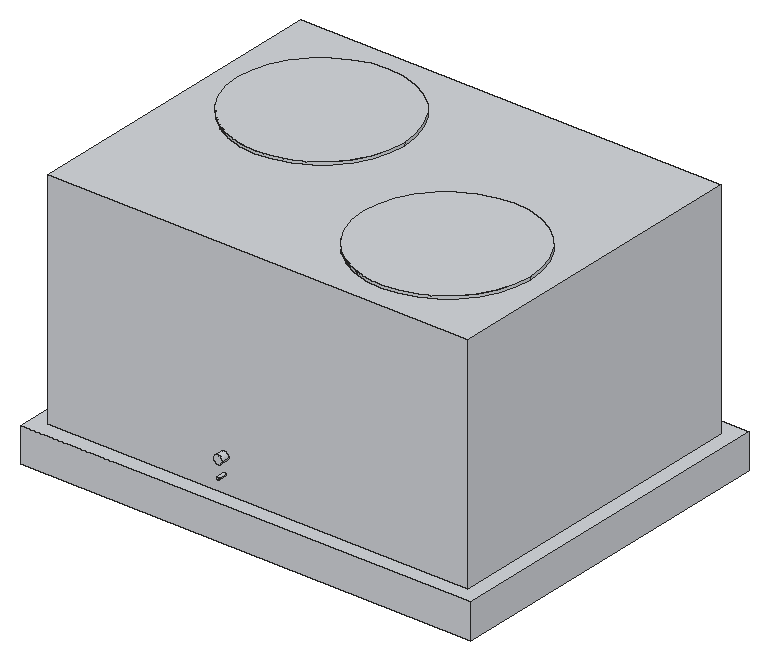
Revit family "9a6a4eeafd9b48799c16c8bd9c125077", category Mechanical Equipment, Revit 2021
Family settings
  Round Connector Dimension = Use Radius
  Part Type = Normal
  OmniClass Number = 23.75.10.24.21.11.11
  OmniClass Title = Packaged Refrigerant Condensing Coils and Fan Units
  Seek Item ID = Condensing Unit - Air Cooled - DX - 6-10 Tons-0000-USA-ENU
  Work Plane-Based = No
  Always vertical = Yes
  Cut with Voids When Loaded = No
  Shared = No
  Room Calculation Point = No
Parameters (values of type "6 Tons")
  Voltage = 460 V
  Unit Width = 3' - 9 25/32"
  Unit Material = none
  Unit Length = 4' - 11 27/64"
  Unit Height = 2' - 10"
  Outlet Radius = 3/16"
  Outlet Diameter = Outlet Radius * 2  # 3/8"
  Number of Poles = 3
  Maximum Operating Charge = 25' - 0"
  Load Classification = Cooling
  Inlet Radius = 9/16"
  Inlet Diameter = Inlet Radius * 2  # 1 1/8"
  Default Elevation = 0' - 0"
  C2 Offset1 = 0' - 8 251/256"
  C1 Offset2 = 2' - 1 79/256"
  C1 Offset1 = 0' - 6 207/256"
  Apparent Load = 4800 VA
  Length 1 = Unit Width / 3  # 1' - 3.26042"
Types (4): name | Outlet Radius | Outlet Diameter | Inlet Radius | Inlet Diameter | Apparent Load
  (no name) | 3/16" | 3/8" | 9/16" | 1 1/8" | 4800 VA
  6 Tons | 3/16" | 3/8" | 9/16" | 1 1/8" | 4800 VA
  7.5 Tons | 3/16" | 3/8" | 9/16" | 1 1/8" | 6500 VA
  10 Tons | 1/4" | 1/2" | 11/16" | 1 3/8" | 8600 VA
Reference planes (in)
  plane 1 "Center (Front/Back)": y = 0
  plane 2: z = 0
  plane 3 "Center (Left/Right)": x = 0
  plane 4: y = 45.78125
  plane 5: x = 59.42188
  plane 6: z = 34
  plane 7: x = 2
  plane 8: x = 57.42188
  plane 9: y = 43.78125
  plane 10: y = 2
  plane 11: z = 4.59
  plane 12: x = 25.30859
  plane 13: z = 6.80859
  plane 14: z = 8.98047
  plane 15: y = 1
  plane 16: y = 4.4
  plane 17: z = 22.93
  plane 18: x = 4
  plane 19: x = 29.71094
  plane 20: x = 15.85547
  plane 21: x = 43.56641
  plane 22: y = 29.85417
  plane 23: y = 15.92708
  plane 24: z = 34.36
Forms (in)
  Extrusion 1, solid, material <- "Unit Material"
    sketch origin (0, 0, 0) x (1, 0, 0) y (0, 1, 0)
      loop
        line (0, 45.78125) -> (0, 0) -> (59.42188, 0) -> (59.42188, 45.78125) -> (0, 45.78125)
    from 0 to 4.59
  Extrusion 2, solid, material <- "Unit Material"
    sketch origin (0, 0, 0) x (1, 0, 0) y (0, 1, 0)
      loop
        line (2, 43.78125) -> (2, 2) -> (57.42188, 2) -> (57.42188, 43.78125) -> (2, 43.78125)
    from 4.59 to 34
  Extrusion 3, solid, material <- "Unit Material"
    sketch origin (0, 0, 0) x (1, 0, 0) y (0, 0, 1)
      loop
        circle (25.30859, 8.98047) r 0.5625
    from -2 to -1
  Extrusion 4, solid, material <- "Unit Material"
    sketch origin (0, 0, 0) x (1, 0, 0) y (0, 0, 1)
      loop
        circle (25.30859, 6.80859) r 0.1875
    from -2 to -1
  Extrusion 5, solid, material <- "Unit Material"
    sketch origin (0, 0, 0) x (0, 1, 0) y (0, 0, 1)
      loop
        circle (4.4, 22.93) r 0.5
    from 2 to 4
  Extrusion 6, solid, material <- "Unit Material"
    sketch origin (0, 0, 0) x (1, 0, 0) y (0, 1, 0)
      loop
        circle (15.85547, 29.85417) r 11
    from 34 to 34.36
  Extrusion 7, solid, material <- "Unit Material"
    sketch origin (0, 0, 0) x (1, 0, 0) y (0, 1, 0)
      loop
        circle (43.56641, 15.92708) r 11
    from 34 to 34.36
Cuts and joins
  joined: Extrusion 2, Extrusion 5
Dimensions and locks (in)
  "Unit Width": plane 1 "Center (Front/Back)" to plane 4
  "Unit Length": plane 3 "Center (Left/Right)" to plane 5
  "Unit Height": plane 6 to plane 2
  locked: plane 3 "Center (Left/Right)" to plane 7 at 2
  locked: plane 8 to plane 5 at 2
  locked: plane 1 "Center (Front/Back)" to plane 10 at 2
  locked: plane 9 to plane 4 at 2
  locked: plane 11 to plane 2 at 4.59
  "C1 Offset2": plane 12 to plane 3 "Center (Left/Right)"
  "C1 Offset1": plane 13 to plane 2
  "C2 Offset1": plane 14 to level
  locked: plane 15 to plane 10 at 1
  locked: plane 16 to plane 1 "Center (Front/Back)" at 4.4
  locked: plane 17 to plane 2 at 22.93
  locked: plane 7 to plane 18 at 2
  equal spacing: plane 7, plane 20, plane 19, plane 21, plane 8
  equal spacing: plane 10, plane 23, plane 22, plane 9
  locked: plane 24 to plane 6 at 0.36
  "Inlet Radius": radius of Extrusion 3 sketch curve
  "Outlet Radius": radius of Extrusion 4 sketch curve
  radius of Extrusion 5 sketch curve = 0' - 0 1/2"
  radius of Extrusion 6 sketch curve = 0' - 11"
  radius of Extrusion 7 sketch curve = 0' - 11"
  aligned and locked: plane 3 "Center (Left/Right)" to Extrusion 1 sketch curve
  aligned and locked: plane 4 to Extrusion 1 sketch curve
  aligned and locked: plane 1 "Center (Front/Back)" to Extrusion 1 sketch curve
  aligned and locked: Extrusion 1 sketch curve to plane 5
  aligned and locked: Extrusion 1 to plane 2
  aligned and locked: plane 7 to Extrusion 2 sketch curve
  aligned and locked: plane 9 to Extrusion 2 sketch curve
  aligned and locked: plane 10 to Extrusion 2 sketch curve
  aligned and locked: Extrusion 2 sketch curve to plane 8
  aligned and locked: plane 11 to Extrusion 1
  aligned and locked: plane 6 to Extrusion 2
  aligned and locked: Extrusion 2 to plane 11
  aligned and locked: plane 14 to Extrusion 3 sketch curve
  aligned and locked: plane 12 to Extrusion 3 sketch curve
  aligned and locked: plane 13 to Extrusion 4 sketch curve
  aligned and locked: plane 12 to Extrusion 4 sketch curve
  aligned and locked: Extrusion 3 to plane 10
  aligned and locked: plane 15 to Extrusion 3
  aligned and locked: Extrusion 4 to plane 10
  aligned and locked: plane 15 to Extrusion 4
  aligned and locked: plane 17 to Extrusion 5 sketch curve
  aligned and locked: plane 16 to Extrusion 5 sketch curve
  aligned and locked: Extrusion 5 to plane 7
  aligned and locked: plane 18 to Extrusion 5
  aligned and locked: plane 22 to Extrusion 6 sketch curve
  aligned and locked: plane 20 to Extrusion 6 sketch curve
  aligned and locked: plane 23 to Extrusion 7 sketch curve
  aligned and locked: plane 21 to Extrusion 7 sketch curve
  aligned and locked: plane 24 to Extrusion 6
  aligned and locked: plane 24 to Extrusion 7
  aligned and locked: Extrusion 6 to plane 6
  aligned and locked: Extrusion 7 to plane 6
Connectors (in)
  piping at (25.30859, 1, 6.80859), diameter 0.375, driven by "Outlet Radius"
    settings: on Extrusion 4, index 1, connector inside diameter 3/8", connector length 0' - 0", flow factor 0, pipe flow 0 GPM, pressure drop 0.00 psi, fitting loss kfactor 0, connector angle 0.00°, fixture units 0, engagement length 0' - 0", angle of deflection 0.00°, flow configuration 0, flow direction 2, fitting loss method 0, system type 22, joint type 0, gender type 0, connector reference index 2, connector utility 0, adjustable connector no, is connector primary yes, connector description "Cryogen Out"
  piping at (25.30859, 1, 8.98047), diameter 1.125, driven by "Inlet Radius"
    settings: on Extrusion 3, index 2, connector inside diameter 1 1/8", connector length 0' - 0", flow factor 0, pipe flow 0 GPM, pressure drop 0.00 psi, fitting loss kfactor 0, connector angle 0.00°, fixture units 0, engagement length 0' - 0", angle of deflection 0.00°, flow configuration 0, flow direction 1, fitting loss method 0, system type 22, joint type 0, gender type 0, connector reference index 1, connector utility 0, adjustable connector no, is connector primary no, connector description "Cryogen In"
  electrical at (2, 4.4, 22.93), driven by "Apparent Load", driven by "Voltage", driven by "Number of Poles", driven by "Load Classification"
    settings: on Extrusion 5, index 3, voltage 460 V, apparent load 4800 VA, apparent load phase1 0 VA, apparent load phase2 0 VA, apparent load phase3 0 VA, power factor 0.8, load classification "Cooling", number of poles 3, system type 30, power factor state 1, is connector primary yes, connector utility no, sub classification motor no, connector description ""
